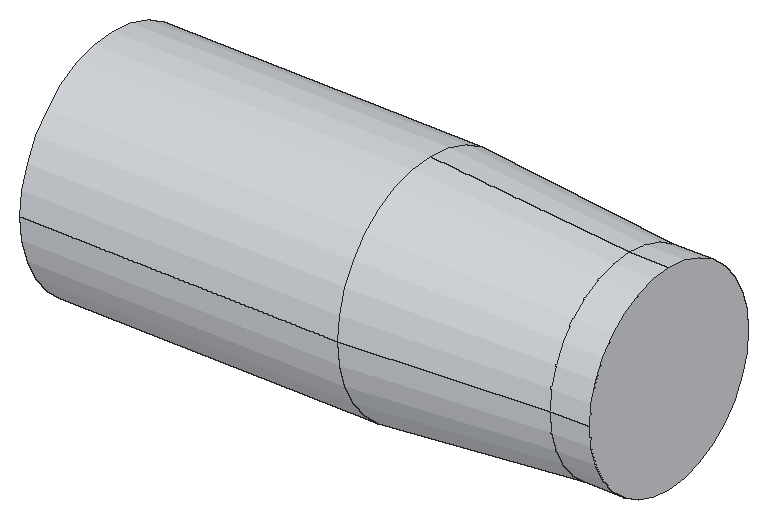
Revit family "M_Encaixe de duto redondo cônico - DTL", category Conexões de duto, Revit 2019
Family settings
  Cota do conector redondo = Usar raio
  Tipo de parte = Derivação - Ajustável
  Número OmniClass = 23.75.70.14
  Título OmniClass = Air Ductwork
  ID de item do Seek = Round Takeoff Conical - DTL-0000-CAN-ENU
  Com base no plano de trabalho = Não
  Sempre na vertical = Sim
  Corte com vazios quando carregada = Não
  Compartilhado = Não
Parameters (values of type "Padrão")
  built-in parameter 1114214 [instance] = 400 mm
  built-in parameter 1114213 [instance] = 250 mm
  built-in parameter 1114215 [instance] = if(Diâmetro > 406.4 mm, Diâmetro * 0.25, 101.6 mm)  # 0.33333 (stored number, unit not read)
  Raio [instance] = 125 mm
  Comprimento do colarinho [instance] = 50 mm
  Raio da ramificação [instance] = Diâmetro da ramificação / 2  # 145 mm
  Comprimento do colarinho 1 [instance] = if(Comprimento do colarinho = 0 mm, 300 mm / 64, Comprimento do colarinho)  # 50 mm
  Diâmetro [instance] = Raio * 2  # 250 mm
  Diâmetro da ramificação [instance] = 290 mm
Reference planes
  plane 1 "Centro (Frente/Trás)": y = 0
  plane 2: z = 0
  plane 3 "Centro (Esquerda/Direita)": x = 0
  plane 4: x = -400
  plane 5: y = -3048
  plane 6: y = 0
  plane 7: y = 0
  plane 8: x = 0
  plane 9: y = 0
  plane 10: x = 0
  plane 11: y = 0
  plane 12: x = 0
Forms (mm)
  Extrusion 1, solid, not visible
    sketch origin (0, 0, 0) x (0, 1, 0) y (0, 0, 1)
      loop
        circle (0, 0) r 25.4
    from 0 to 22.217
  Extrusion 2, solid, detail levels medium+fine
    sketch origin (0, 0, 0) x (0, 1, 0) y (0, 0, 1)
      loop
        circle (0, 0) r 145
    from 0 to -400
  SweptBlend 3, solid, detail levels medium+fine
    path in 3D
      loop
        line (0, 0, 0) -> (250, 0, 0)
    profile "M_Duto - Redondo : Duto - Redondo 1" origin (0, 0, 0) x (0, 1, 0) y (0, 0, 1)
      loop
        arc (-145, 0) -> (-102.53, -102.53) -> (0, -145) r 145
        arc (0, -145) -> (102.53, -102.53) -> (145, 0) r 145
        arc (145, 0) -> (102.53, 102.53) -> (0, 145) r 145
        arc (0, 145) -> (-102.53, 102.53) -> (-145, 0) r 145
    end profile "M_Duto - Redondo : Duto - Redondo 2" origin (250, 0, 0) x (0, 1, 0) y (0, 0, 1)
      loop
        arc (-125, 0) -> (-88.388, -88.388) -> (0, -125) r 125
        arc (0, -125) -> (88.388, -88.388) -> (125, 0) r 125
        arc (125, 0) -> (88.388, 88.388) -> (0, 125) r 125
        arc (0, 125) -> (-88.388, 88.388) -> (-125, 0) r 125
  Sweep 4, solid, detail levels medium+fine
    path in 3D
      loop
        line (250, 0, 0) -> (300, 0, 0)
    profile "M_Duto - Redondo : Duto - Redondo 2" origin (275, 0, 0) x (0, 1, 0) y (0, 0, 1)
      loop
        arc (-125, 0) -> (-88.388, -88.388) -> (0, -125) r 125
        arc (0, -125) -> (88.388, -88.388) -> (125, 0) r 125
        arc (125, 0) -> (88.388, 88.388) -> (0, 125) r 125
        arc (0, 125) -> (-88.388, 88.388) -> (-125, 0) r 125
Cuts and joins
  joined: Extrusion 2, SweptBlend 3, Sweep 4
Lines and regions (mm)
  model lines, not visible, detail levels coarse
    curve 1: line (0, 0, 0) -> (250, 0, 0)
    curve 4: line (250, 0, 0) -> (300, 0, 0)
  reference lines
    curve 2: line (0, 0, 0) -> (250, 0, 0)
    curve 6: line (0, 0, 0) -> (250, 0, 0)
    curve 7: line (0, 0, 0) -> (250, 0, 0)
  sketch lines
    curve 3: line (0, 0, 0) -> (250, 0, 0)
    curve 5: line (250, 0, 0) -> (300, 0, 0)
Dimensions and locks
  "built-in parameter 1114214": plane 4 to plane 3 "Centro (Esquerda/Direita)"
  locked: plane 5 to plane 1 "Centro (Frente/Trás)" at 3048
  locked: plane 6 to plane 5 at 3048
  "built-in parameter 1114213": curve 1 to curve 1
  locked: plane 8 to plane 3 "Centro (Esquerda/Direita)" at 0
  locked: plane 7 to plane 5 at 3048
  "built-in parameter 1114213": curve 2 to curve 2
  "Comprimento do colarinho 1": curve 4 to curve 4
  locked: plane 3 "Centro (Esquerda/Direita)" to Extrusion 1 at 22.217
  locked: plane 9 to plane 5 at 3048
  locked: plane 10 to plane 3 "Centro (Esquerda/Direita)" at 0
  "built-in parameter 1114213": curve 6 to curve 6
  locked: plane 11 to plane 5 at 3048
  locked: plane 12 to plane 3 "Centro (Esquerda/Direita)" at 0
  "built-in parameter 1114213": curve 7 to curve 7
  radius of Extrusion 1 sketch curve = 25.4 mm
  "Raio da ramificação": radius of Extrusion 2 sketch curve
  locked: curve 1 to plane 3 "Centro (Esquerda/Direita)" (angle 90.00°)
  locked: curve 2 to plane 8 (angle 90.00°)
  locked: curve 4 to plane 3 "Centro (Esquerda/Direita)" (angle 90.00°)
  locked: curve 6 to plane 10 (angle 90.00°)
  locked: curve 7 to plane 12 (angle 90.00°)
  aligned and locked: plane 1 "Centro (Frente/Trás)" to Extrusion 1 sketch curve
  aligned and locked: plane 2 to Extrusion 1 sketch curve
  aligned and locked: Extrusion 1 to plane 3 "Centro (Esquerda/Direita)"
  aligned and locked: plane 2 to Extrusion 2 sketch curve
  aligned and locked: Extrusion 2 to plane 4
  aligned and locked: plane 3 "Centro (Esquerda/Direita)" to Extrusion 2
  aligned and locked: plane 1 "Centro (Frente/Trás)" to Extrusion 2 sketch curve
  aligned and locked: plane 6 to curve 1
  aligned and locked: plane 3 "Centro (Esquerda/Direita)" to curve 1
  aligned and locked: plane 7 to curve 2
  aligned and locked: plane 8 to curve 2
  aligned and locked: plane 10 to curve 6
  aligned and locked: curve 6 to plane 9
  aligned and locked: plane 12 to curve 7
Connectors
  hvac at (0, 0, 0), driven by "Raio"
    settings: on Extrusion 1, index 1, duct flow 0.0 L/s, flow factor 0, pres drop 0.0 Pa, loss coef 0, conn angle 0.00°, conn width 304.8 mm, conn height 304.8 mm, conn diameter 250 mm, duct sys type 28, conn prof type 0, flow config 0, flow direction 0, loss method 0, conn ref index 2, conn util no, is conn primary yes, conn desc ""
  hvac at (300, 0, 0), driven by "Raio"
    settings: on Sweep 4, index 2, duct flow 0.0 L/s, flow factor 0, pres drop 0.0 Pa, loss coef 0, conn angle 0.00°, conn width 304.8 mm, conn height 304.8 mm, conn diameter 250 mm, duct sys type 28, conn prof type 0, flow config 0, flow direction 0, loss method 0, conn ref index 1, conn util no, is conn primary no, conn desc ""
